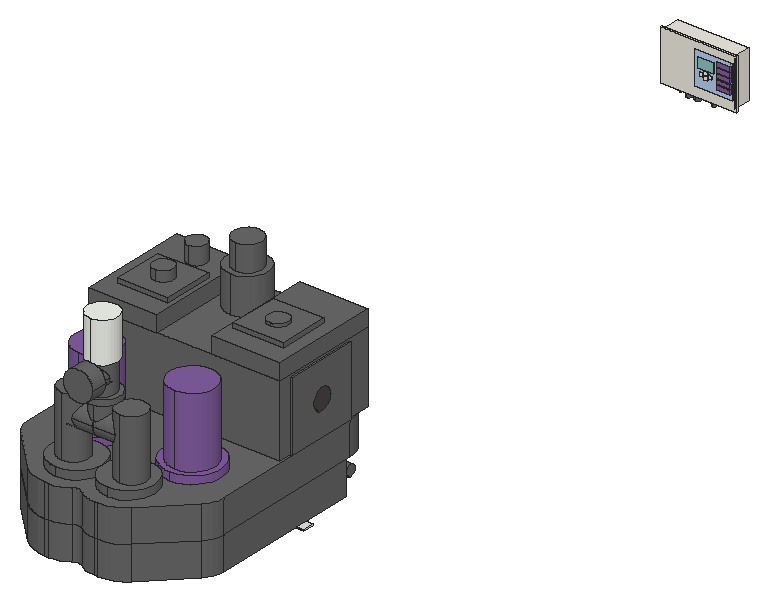
Revit family "11086", category Generic Models, Revit 2021
Family settings
  Can host rebar = No
  Round Connector Dimension = Use Diameter
  Part Type = Normal
  Work Plane-Based = No
  Always vertical = Yes
  Cut with Voids When Loaded = No
  Shared = Yes
  Room Calculation Point = No
Parameters (values of type "11086")
  SUPPLIER = "KESSEL"
  SA700ID49 = "Protection Class I"
  SA700ID48 = "no"
  SA700ID47 = "no"
  SA700ID46 = "yes"
  SA700ID37 = 7000 mm
  SA700ID34 = 38
  SA700ID33 = 1.6 W
  SA700ID32 = 99.93 kg
  SA700ID31 = 1
  SA700ID30 = 2
  SA700ID29 = "RWDR"
  SA700ID21 = 700
  SA700ID10 = "No"
  SA700ID08 = 230 V
  PROCUREWEBLINK = "https://p.caden.as/kessel/11086"
  PROCURELINK = "p.caden.as/kessel/11086"
  PROCUREDATALASTUPDATE = "2024-05-22T12:18:04.386680289+01:00"
  PREVIEW = "../../bilder/ksb_w_11086.png"
  PRC_SPECIFICATIONLINK = "https://ausschreiben.de/catalog/kessel/catalogItem/f3bade3c-e4c8-4c45-aade-97c20664eb70"
  NN = "Lifting station Aqualift F XL"
  NBSYN = "$SA810ID03."
  NB = "11086"
  Model = "11086"
  Manufacturer = "KESSEL"
  MIdent = "{$CADENAS_DATA/23d-libs/kessel/kessel_vdi_import/4/entwaesserung/hebeanlage20aqualift20f20xl.prj},201 {STYP=ASS},{VTYP=3D},{NB=11086},{LINA=11086},{NN=Lifting station Aqualift F XL},{DATE=21.11.2022 10:48:11},{GEOMDATE=21.11.2022 10:48:11},{VERSION=},{LINEID=360},{WBVAR=LODLEVEL},{WBNUMERIC=LODLEVEL}  {NB=11086},{LINA=11086},{KT=DUMMY},{PREVIEW=../../bilder/ksb_w_11086.png},{SA700ID04=Hebeanlage Aqualift F XL 200 l, Duo, SPF 1400-S1, Schieber},{SA810ID06=04026092057537},{SA700ID34=38.00},{SA010ID03=201805},{SA810ID03=11086},{SA810ID10=Aqualift F XL 1400W-S1 Duo 200L m.S.KESSEL Aqualift F XL Hebeanlage für fäkalienhaltiges und fäkalienfreies Abwasser. Zur Aufstellung in frostgeschützten Räumen.Duoanlage mit zwei Pumpen des Typs SPF 1400-S1 Sammelbehälter aus Polyethylen, mit verschraubter Reinigungsöffnung,Anschlussstutzen für Zulauf von oben DN100/150.Inklusive Tauchrohr zur pneumatischen Niveauerfassung,Entlüftungsanschluss DN 70 und Anschluss für eine Handmembranpumpe DN 32.Behälter inklusive Haltewinkel zur Auftriebssicherung.Behältervolumen 200 Liter, max. Nutzvolumen bei Zulauf von oben ca. 120 Liter.Zwei seitliche und zwei rückseitige Anbohrflächen zur Montage weiterer Zuläufe bis DN 200 unter Verwendung von Durchgangsdichtungen.Inklusive KESSEL Schaltgerät Aqualift Comfort 230 V.Anwenderfreundliche Menüführung im mehrzeiligem Display. MitSelbstdiagnosesystem (SDS) und Erinnerungsfunktion für nächste Wartung.Anzeige der aktuellen Messwerte. Einfache Einstellung derfunktionsrelevanten Parameter, inklusive Betriebsstundenzähler und Anschlussmöglichkeit für potentialfreien Kontakt. OptionaleWeiterleitung von Alarm- und Sammelstörmeldung über GSM Schnittstelle.Schaltgerät mit Volltextanzeige in sechs Sprachen.Abwasserpumpe(n) mit Freistromrad zur Förderung von fäkalienfreiem und fäkalienhaltigem Abwasser gemäß DIN EN 12050-1. Freier Kugeldurchgang mindestens 40 mm. Pumpe(n) überflutungssicher. Inklusive Rückflussverhinderer, mit Druckabgang aus Kunststoff DN 100. Inklusive Absperrschieber.Pumpe(n) Typ SPF 1400-S1Fördermenge: max. 38 m³/hFörderhöhe: max. 7 mNennleistung (P2): 1,1 KW je PumpeAufnahmeleistung (P1): 1,6 KW je PumoeBetriebsspannung: 230 V WSNennfrequenz: 50 HzNennstrom: 7,3 AAbsicherung: 1 x 16 A trägeSchutzart (Pumpe): IP68 3mWS/48hSchutzart (Schaltgerät): IP 65Bertiebsart: S1Kabellänge: 5 mAußenmaße Anlage mit 200 Liter Behälter (BxTxH): 760 x 980 x 770 mmGewicht ca. 99,93 kg},{SA700ID37=7.00},{SA700ID33=1.60},{SA700ID08=230},{SA700ID30=2},{SA700ID32=99.93},{SA700ID49=Schutzklasse I},{SA700ID50=nein},{SA200ID03=6},{SA250ID03=vertikal},{SA260ID03=Trockenläuferpumpe},{SA350ID03=normalansaugend},{SA400ID03=E-Motor für Wechselstrom},{SA460ID03=direkt},{SA500ID03=Kunststoff, Edelstahl},{SA700ID06=100},{SA700ID07=100},{SA700ID09=1/N/PE 230V},{SA700ID10=Nein},{SA700ID11=50},{SA700ID12=IP 68},{SA700ID13=F},{SA700ID15=40},{SA700ID21=700.00},{SA700ID22=1.10},{SA700ID23=1420},{SA700ID24=1420},{SA700ID26=7.30},{SA700ID27=23.00},{SA700ID28=durchgehend},{SA700ID29=RWDR},{SA700ID31=1},{SA700ID46=ja},{SA700ID47=nein},{SA700ID48=nein},{SA110ID04=Hebeanlage Aqualift F XL},{SA300ID03=einstufig},{SA700ID44=10.00},{SA700ID45=10.00},{SA010ID04=KESSEL AG},{LODLEVEL=200},{LINK=https://www.kessel.de/info?han=11086},{SA970ID01=970},{SA970ID02=7137},{SA970ID03=11086},{SA970ID04=11002617},{SA970ID05=QUAD},{SA970ID06=-410},{SA970ID07=-850},{SA970ID08=0},{SA970ID09=1},{SA970ID10=0},{SA970ID11=0},{SA970ID12=0},{SA970ID13=1},{SA970ID14=0},{SA970ID15=820},{SA970ID16=980},{SA970ID17=819},{LODLEVEL_=200,'Low'},{LODLEVEL_DEU=200,'Low'},{LINK_=https://www.kessel.de/info?han=11086},{LINK_DEU=https://www.kessel.de/info?han=11086},{LODLEVEL_3DB=11086_200},{DNIN1=100},{DNIN2=70},{DNIN4=10},{DNIN5=10},{DNIN6=50},{DNIN7=50},{DNIN8=50},{DNIN9=50},{DNOUT1=32},{DNOUT2=100},{DNOUT3=70},{ISD1=96},{ISD2=10},{ISDOUT1=40},{ISDOUT2=60},{ISDOUT3=65},{SA010ID01=010},{SA010ID02=4},{SA010ID06=www.kessel.de},{SA010ID07=www.kessel.de},{SA010ID12=20180713},{SA010ID13=DEU},{SA010ID14=DE},{SA100ID01=100},{SA100ID02=4},{SA100ID04=Entwässerung},{SA110ID01=110},{SA110ID02=6},{SA200ID01=200},{SA200ID02=6},{SA250ID01=250},{SA250ID02=2},{SA260ID01=260},{SA260ID02=2},{SA300ID01=300},{SA300ID02=1},{SA350ID01=350},{SA350ID02=1},{SA400ID01=400},{SA400ID02=1},{SA460ID01=460},{SA460ID02=1},{SA500ID01=500},{SA500ID02=1},{SA700ID01=700},{SA700ID02=67},{SA700ID10_=0},{SA700ID16=0},{SA700ID25=0},{SA700ID46_=1},{SA700ID47_=0},{SA700ID48_=0},{SA700ID49_=1},{SA700ID50_=0},{SA800ID01=800},{SA800ID02=31},{SA810ID01=810},{SA810ID02=67},{SA810ID04=11086},{SA810ID07=67},{SA810ID09=1},{SA810ID14=PCE},{SA810ID15=1},{SA810ID16=NMP},{SA960ID03=67},{SA960ID04=3L},{SA960ID08=https://www.kessel.de/info?han=11086},{SA010ID08=4026092000007},{SA100ID05=Hebeanlage},{SA110ID06=Hebeanlage}"
  LINK = "https://www.kessel.de/info?han=11086"
  LINA = "11086"
  Default Elevation = 0 mm
  CREATOR = "CADENAS GmbH"
  CATALOG = "KESSEL"
  BOMINFO = "LINA"
  ARTICLENO = "NB"
  4.810.00.9 Order quantity (multiplicator) = "1"
  4.810.00.7 Media- connection number = "67"
  4.810.00.6 GTIN number = "04026092057537"
  4.810.00.4 DATANORM number = "11086"
  4.810.00.3 Producer order number = "11086"
  4.710.03.7 Mass (net) = 99.93 kg
  4.710.03.6 Height = 807 mm
  4.710.03.5 Width = 760 mm
  4.710.03.4 Length = 980 mm
  4.710.03.3 Type of dimensions = "2"
  4.710.02.8 Area of application of wastewater pump = "1"
  4.710.02.6 Duty type = "S1"
  4.710.02.5 Cutting device = "0"
  4.710.02.4 Attached pump control = "1"
  4.710.02.3 Free passage = 40 mm
  4.710.01.6 Option to connect to building automation = "40"
  4.710.01.5 Load regulation = "0"
  4.710.01.4 Designation of closed-loop control = "120"
  4.710.01.3 Identifier for closed-loop control = "200"
  4.700.00.9 Voltage = 0
  4.700.00.8 Nominal connection size on suction side = "100"
  4.700.00.7 Nominal connection size on pressure side = "100"
  4.700.00.6 Type of connection = "100"
  4.700.00.4 Product indentification = "Hebeanlage Aqualift F XL 200 l, Duo, SPF 1400-S1, Schieber"
  4.700.00.28 Motor pump shaft = "durchgehend"
  4.700.00.27 Starting current = 23
  4.700.00.26 Maximum power consumption per pump / drive = 7.3
  4.700.00.25 Minimum speed at internal speed adjustment = 0
  4.700.00.24 Nominal speed / maximum speed n = 23.6667
  4.700.00.23 Nominal speed of motor = 23.6667
  4.700.00.22 Maximum shaft output (P2) per pump/drive = 1.1 W
  4.700.00.16 Maximum temperature of pumped medium = 0 °C
  4.700.00.15 Increased safety class = "40 °C"
  4.700.00.13 Type of protection = "F"
  4.700.00.12 Frequency = 0
  4.700.00.11 Stern-/Dreieck-Anlaufschaltung bei Dreiphasenanschluss oder Drehstrom = "50 Hz"
  4.700.00.10 Phase = "0"
  4.500.00.3 Variant / Variant type / Accessories-name = "Kunststoff, Edelstahl"
  4.460.00.3 Variant / Variant type / Accessories-name = "direkt"
  4.400.00.3 Variant / Variant type / Accessories-name = "E-Motor für Wechselstrom"
  4.350.00.3 Variant / Variant type / Accessories-name = "normalansaugend"
  4.300.00.3 Variant / Variant type / Accessories-name = "einstufig"
  4.260.00.3 Variant / Variant type / Accessories-name = "Trockenläuferpumpe"
  4.250.00.3 Variant / Variant type / Accessories-name = "vertikal"
  4.200.00.3 Variant / Variant type / Accessories-name = "6"
  4.110.00.6 Product classification = "Hebeanlage"
  4.110.00.4 Product indentification = "Hebeanlage Aqualift F XL"
  4.100.00.5 Main groups of wares = "Hebeanlage"
  4.100.00.4 Product indentification = "Entwässerung"
  4.010.00.8 Producer ID number = "4026092000007"
  4.010.00.7 Comment = "www.kessel.de"
  4.010.00.6 Web address of the manufacturer = "www.kessel.de"
  4.010.00.4 Manufacturer name = "KESSEL AG"
  4.010.00.3 Date of issuance (month) of guideline = "201805"
  4.010.00.2 Sheet number of the guideline = "4"
  4.010.00.14 Kennungen der Projektländer, für die die Datei gültig ist = "DE"
  4.010.00.13 Sprache der Datei = "DEU"
  4.010.00.12 Stand des Herstellerkatalogs = "20180713"
Reference planes
  plane 1 "Center (Front/Back)": y = 0
  plane 2: z = 0
  plane 3 "Center (Left/Right)": x = 0
Forms (mm)
  Extrusion 1, void
    sketch origin (380.5, -115, 392) x (0, -1, 0) y (0, 0, 1)
      loop
        line (-0.5, -0.5) -> (0.5, -0.5) -> (0.5, 0.5) -> (-0.5, 0.5) -> (-0.5, -0.5)
    from 0 to 1
  Extrusion 2, void
    sketch origin (160.15, 130.5, 392) x (1, 0, 0) y (0, 0, 1)
      loop
        line (-0.5, -0.5) -> (0.5, -0.5) -> (0.5, 0.5) -> (-0.5, 0.5) -> (-0.5, -0.5)
    from 0 to 1
  Extrusion 3, void
    sketch origin (-161, 130.5, 392) x (1, 0, 0) y (0, 0, 1)
      loop
        line (-0.5, -0.5) -> (0.5, -0.5) -> (0.5, 0.5) -> (-0.5, 0.5) -> (-0.5, -0.5)
    from 0 to 1
  Extrusion 4, void
    sketch origin (-380.5, -115, 392) x (0, 1, 0) y (0, 0, 1)
      loop
        line (-0.5, -0.5) -> (0.5, -0.5) -> (0.5, 0.5) -> (-0.5, 0.5) -> (-0.5, -0.5)
    from 0 to 1
Dimensions and locks
  locked: plane 2 to Extrusion 1 at 392.5
  locked: plane 2 to Extrusion 1 at 391.5
  locked: plane 2 to Extrusion 2 at 392.5
  locked: plane 2 to Extrusion 2 at 391.5
  locked: plane 2 to Extrusion 3 at 392.5
  locked: plane 2 to Extrusion 3 at 391.5
  locked: plane 2 to Extrusion 4 at 392.5
  locked: plane 2 to Extrusion 4 at 391.5
  aligned and locked: level to plane 2
Nested families
  nested 1: "11086_content" at (0, 0, 0), type "11086_Content"
  nested 2: "11086_part1_X0Y0" at (1000, 1000, 1200), type "11086_PART1_X0Y0"
  nested 3: "11086_part2_X0Y0" at (0, 0, 0), type "11086_PART2_X0Y0"
Connectors
  electrical at (896, 972.5, 1160.5)
    settings: on nested 2, index 1, voltage 230 V, apparent load 0 VA, apparent load phase1 0 VA, apparent load phase2 0 VA, apparent load phase3 0 VA, power factor 1, load classification "Other", number of poles 3, system type 31, power factor state 1, is connector primary yes, connector utility no, sub classification motor no, connector description ""
  piping at (0, 0, 771), diameter 100
    settings: on nested 3, index 2, connector inside diameter 609.6 mm, connector length 0 mm, flow factor 0, pipe flow 0.0 L/s, pressure drop 0.0 Pa, fitting loss kfactor 0, connector angle 0.00°, fixture units 0, engagement length 0 mm, angle of deflection 0.00°, flow configuration 0, flow direction 1, fitting loss method 2, system type 8, joint type 0, gender type 0, connector reference index -1, connector utility 0, adjustable connector no, is connector primary yes, connector description ""
  piping at (380.5, -115, 392), diameter 70
    settings: on Extrusion 1, index 3, connector inside diameter 609.6 mm, connector length 0 mm, flow factor 0, pipe flow 0.0 L/s, pressure drop 0.0 Pa, fitting loss kfactor 0, connector angle 0.00°, fixture units 0, engagement length 0 mm, angle of deflection 0.00°, flow configuration 0, flow direction 0, fitting loss method 2, system type 8, joint type 0, gender type 0, connector reference index -1, connector utility 0, adjustable connector no, is connector primary no, connector description ""
  piping at (160.15, 130.5, 392), diameter 70
    settings: on Extrusion 2, index 4, connector inside diameter 609.6 mm, connector length 0 mm, flow factor 0, pipe flow 0.0 L/s, pressure drop 0.0 Pa, fitting loss kfactor 0, connector angle 0.00°, fixture units 0, engagement length 0 mm, angle of deflection 0.00°, flow configuration 0, flow direction 0, fitting loss method 2, system type 8, joint type 0, gender type 0, connector reference index -1, connector utility 0, adjustable connector no, is connector primary no, connector description ""
  piping at (-161, 130.5, 392), diameter 70
    settings: on Extrusion 3, index 5, connector inside diameter 609.6 mm, connector length 0 mm, flow factor 0, pipe flow 0.0 L/s, pressure drop 0.0 Pa, fitting loss kfactor 0, connector angle 0.00°, fixture units 0, engagement length 0 mm, angle of deflection 0.00°, flow configuration 0, flow direction 0, fitting loss method 2, system type 8, joint type 0, gender type 0, connector reference index -1, connector utility 0, adjustable connector no, is connector primary no, connector description ""
  piping at (-380.5, -115, 392), diameter 70
    settings: on Extrusion 4, index 6, connector inside diameter 609.6 mm, connector length 0 mm, flow factor 0, pipe flow 0.0 L/s, pressure drop 0.0 Pa, fitting loss kfactor 0, connector angle 0.00°, fixture units 0, engagement length 0 mm, angle of deflection 0.00°, flow configuration 0, flow direction 0, fitting loss method 2, system type 8, joint type 0, gender type 0, connector reference index -1, connector utility 0, adjustable connector no, is connector primary no, connector description ""
  piping at (0, -818, 611), diameter 100
    settings: on nested 3, index 7, connector inside diameter 609.6 mm, connector length 0 mm, flow factor 0, pipe flow 0.0 L/s, pressure drop 0.0 Pa, fitting loss kfactor 0, connector angle 0.00°, fixture units 0, engagement length 0 mm, angle of deflection 0.00°, flow configuration 0, flow direction 2, fitting loss method 2, system type 7, joint type 0, gender type 0, connector reference index -1, connector utility 0, adjustable connector no, is connector primary no, connector description ""
  piping at (-225, 36, 661), diameter 70
    settings: on nested 3, index 8, connector inside diameter 609.6 mm, connector length 0 mm, flow factor 0, pipe flow 0.0 L/s, pressure drop 0.0 Pa, fitting loss kfactor 0, connector angle 0.00°, fixture units 0, engagement length 0 mm, angle of deflection 0.00°, flow configuration 0, flow direction 2, fitting loss method 2, system type 7, joint type 0, gender type 0, connector reference index -1, connector utility 0, adjustable connector no, is connector primary no, connector description ""
  piping at (354.5, 56, 60), diameter 32
    settings: on nested 3, index 9, connector inside diameter 609.6 mm, connector length 0 mm, flow factor 0, pipe flow 0.0 L/s, pressure drop 0.0 Pa, fitting loss kfactor 0, connector angle 0.00°, fixture units 0, engagement length 0 mm, angle of deflection 0.00°, flow configuration 0, flow direction 2, fitting loss method 2, system type 7, joint type 0, gender type 0, connector reference index -1, connector utility 0, adjustable connector no, is connector primary no, connector description ""
  electrical at (185, -497, 557)
    settings: on nested 3, index 10, voltage 0 V, apparent load 0 VA, apparent load phase1 0 VA, apparent load phase2 0 VA, apparent load phase3 0 VA, power factor 1, load classification "Other", number of poles 1, system type 31, power factor state 1, is connector primary no, connector utility no, sub classification motor no, connector description ""
  electrical at (-185, -496.75, 557)
    settings: on nested 3, index 11, voltage 0 V, apparent load 0 VA, apparent load phase1 0 VA, apparent load phase2 0 VA, apparent load phase3 0 VA, power factor 1, load classification "Other", number of poles 1, system type 31, power factor state 1, is connector primary no, connector utility no, sub classification motor no, connector description ""
  electrical at (-222.5, -129, 650)
    settings: on nested 3, index 12, voltage 0 V, apparent load 0 VA, apparent load phase1 0 VA, apparent load phase2 0 VA, apparent load phase3 0 VA, power factor 1, load classification "Other", number of poles 1, system type 31, power factor state 1, is connector primary no, connector utility no, sub classification motor no, connector description ""
Definition of nested family "11086_part1_X0Y0"
  Parameters (values of type "11086_PART1_X0Y0")
    SUPPLIER = "KESSEL"
    SA700ID49 = "Protection Class I"
    SA700ID48 = "no"
    SA700ID47 = "no"
    SA700ID46 = "yes"
    SA700ID37 = 7000 mm
    SA700ID34 = 38
    SA700ID33 = 1.6 W
    SA700ID32 = 99.93 kg
    SA700ID31 = 1
    SA700ID30 = 2
    SA700ID29 = "RWDR"
    SA700ID21 = 700
    SA700ID10 = "No"
    SA700ID08 = 230 V
    PREVIEW = "../../bilder/ksb_w_11086.png"
    NBSYN = "$SA810ID03._PART1"
    NB = "11086_PART1"
    Model = "11086_PART1"
    Manufacturer = "KESSEL"
    MIdent = "{$CADENAS_DATA/23d-libs/kessel/kessel_vdi_import/4/entwaesserung/hebeanlage20aqualift20f20xl.prj},221 {VTYP=3D},{NB=11086_PART1},{LINA=11086_PART1},{NN=Lifting station Aqualift F XL_PART1},{NOPRJ=TRUE},{DATE=21.11.2022 10:48:11},{GEOMDATE=21.11.2022 10:48:11},{VERSION=},{LINEID=360},{WBVAR=LODLEVEL},{WBNUMERIC=LODLEVEL}  {NB=11086_PART1},{LINA=11086_PART1},{KT=DUMMY},{PREVIEW=../../bilder/ksb_w_11086.png},{SA700ID04=Hebeanlage Aqualift F XL 200 l, Duo, SPF 1400-S1, Schieber},{SA810ID06=04026092057537},{SA700ID34=38.00},{SA010ID03=201805},{SA810ID03=11086},{SA810ID10=Aqualift F XL 1400W-S1 Duo 200L m.S.KESSEL Aqualift F XL Hebeanlage für fäkalienhaltiges und fäkalienfreies Abwasser. Zur Aufstellung in frostgeschützten Räumen.Duoanlage mit zwei Pumpen des Typs SPF 1400-S1 Sammelbehälter aus Polyethylen, mit verschraubter Reinigungsöffnung,Anschlussstutzen für Zulauf von oben DN100/150.Inklusive Tauchrohr zur pneumatischen Niveauerfassung,Entlüftungsanschluss DN 70 und Anschluss für eine Handmembranpumpe DN 32.Behälter inklusive Haltewinkel zur Auftriebssicherung.Behältervolumen 200 Liter, max. Nutzvolumen bei Zulauf von oben ca. 120 Liter.Zwei seitliche und zwei rückseitige Anbohrflächen zur Montage weiterer Zuläufe bis DN 200 unter Verwendung von Durchgangsdichtungen.Inklusive KESSEL Schaltgerät Aqualift Comfort 230 V.Anwenderfreundliche Menüführung im mehrzeiligem Display. MitSelbstdiagnosesystem (SDS) und Erinnerungsfunktion für nächste Wartung.Anzeige der aktuellen Messwerte. Einfache Einstellung derfunktionsrelevanten Parameter, inklusive Betriebsstundenzähler und Anschlussmöglichkeit für potentialfreien Kontakt. OptionaleWeiterleitung von Alarm- und Sammelstörmeldung über GSM Schnittstelle.Schaltgerät mit Volltextanzeige in sechs Sprachen.Abwasserpumpe(n) mit Freistromrad zur Förderung von fäkalienfreiem und fäkalienhaltigem Abwasser gemäß DIN EN 12050-1. Freier Kugeldurchgang mindestens 40 mm. Pumpe(n) überflutungssicher. Inklusive Rückflussverhinderer, mit Druckabgang aus Kunststoff DN 100. Inklusive Absperrschieber.Pumpe(n) Typ SPF 1400-S1Fördermenge: max. 38 m³/hFörderhöhe: max. 7 mNennleistung (P2): 1,1 KW je PumpeAufnahmeleistung (P1): 1,6 KW je PumoeBetriebsspannung: 230 V WSNennfrequenz: 50 HzNennstrom: 7,3 AAbsicherung: 1 x 16 A trägeSchutzart (Pumpe): IP68 3mWS/48hSchutzart (Schaltgerät): IP 65Bertiebsart: S1Kabellänge: 5 mAußenmaße Anlage mit 200 Liter Behälter (BxTxH): 760 x 980 x 770 mmGewicht ca. 99,93 kg},{SA700ID37=7.00},{SA700ID33=1.60},{SA700ID08=230},{SA700ID30=2},{SA700ID32=99.93},{SA700ID49=Schutzklasse I},{SA700ID50=nein},{SA200ID03=6},{SA250ID03=vertikal},{SA260ID03=Trockenläuferpumpe},{SA350ID03=normalansaugend},{SA400ID03=E-Motor für Wechselstrom},{SA460ID03=direkt},{SA500ID03=Kunststoff, Edelstahl},{SA700ID06=100},{SA700ID07=100},{SA700ID09=1/N/PE 230V},{SA700ID10=Nein},{SA700ID11=50},{SA700ID12=IP 68},{SA700ID13=F},{SA700ID15=40},{SA700ID21=700.00},{SA700ID22=1.10},{SA700ID23=1420},{SA700ID24=1420},{SA700ID26=7.30},{SA700ID27=23.00},{SA700ID28=durchgehend},{SA700ID29=RWDR},{SA700ID31=1},{SA700ID46=ja},{SA700ID47=nein},{SA700ID48=nein},{SA110ID04=Hebeanlage Aqualift F XL},{SA300ID03=einstufig},{SA700ID44=10.00},{SA700ID45=10.00},{SA010ID04=KESSEL AG},{LODLEVEL=200},{LINK=https://www.kessel.de/info?han=11086},{SA970ID01=970},{SA970ID02=7137},{SA970ID03=11086},{SA970ID04=11002617},{SA970ID05=QUAD},{SA970ID06=-410},{SA970ID07=-850},{SA970ID08=0},{SA970ID09=1},{SA970ID10=0},{SA970ID11=0},{SA970ID12=0},{SA970ID13=1},{SA970ID14=0},{SA970ID15=820},{SA970ID16=980},{SA970ID17=819},{LODLEVEL_=200,'Low'},{LODLEVEL_DEU=200,'Low'},{LINK_=https://www.kessel.de/info?han=11086},{LINK_DEU=https://www.kessel.de/info?han=11086},{LODLEVEL_3DB=11086_200},{DNIN1=100},{DNIN2=70},{DNIN4=10},{DNIN5=10},{DNIN6=50},{DNIN7=50},{DNIN8=50},{DNIN9=50},{DNOUT1=32},{DNOUT2=100},{DNOUT3=70},{ISD1=96},{ISD2=10},{ISDOUT1=40},{ISDOUT2=60},{ISDOUT3=65},{SA010ID01=010},{SA010ID02=4},{SA010ID06=www.kessel.de},{SA010ID07=www.kessel.de},{SA010ID12=20180713},{SA010ID13=DEU},{SA010ID14=DE},{SA100ID01=100},{SA100ID02=4},{SA100ID04=Entwässerung},{SA110ID01=110},{SA110ID02=6},{SA200ID01=200},{SA200ID02=6},{SA250ID01=250},{SA250ID02=2},{SA260ID01=260},{SA260ID02=2},{SA300ID01=300},{SA300ID02=1},{SA350ID01=350},{SA350ID02=1},{SA400ID01=400},{SA400ID02=1},{SA460ID01=460},{SA460ID02=1},{SA500ID01=500},{SA500ID02=1},{SA700ID01=700},{SA700ID02=67},{SA700ID10_=0},{SA700ID16=0},{SA700ID25=0},{SA700ID46_=1},{SA700ID47_=0},{SA700ID48_=0},{SA700ID49_=1},{SA700ID50_=0},{SA800ID01=800},{SA800ID02=31},{SA810ID01=810},{SA810ID02=67},{SA810ID04=11086},{SA810ID07=67},{SA810ID09=1},{SA810ID14=PCE},{SA810ID15=1},{SA810ID16=NMP},{SA960ID03=67},{SA960ID04=3L},{SA960ID08=https://www.kessel.de/info?han=11086},{SA010ID08=4026092000007},{SA100ID05=Hebeanlage},{SA110ID06=Hebeanlage}"
    LINK = "https://www.kessel.de/info?han=11086"
    LINA = "11086_PART1"
    Default Elevation = 1219.2 mm
    CREATOR = "CADENAS GmbH"
    CATALOG = "KESSEL"
    BOMINFO = "LINA"
    ARTICLENO = "NB"
    4.810.00.9 Order quantity (multiplicator) = "1"
    4.810.00.7 Media- connection number = "67"
    4.810.00.6 GTIN number = "04026092057537"
    4.810.00.4 DATANORM number = "11086"
    4.810.00.3 Producer order number = "11086"
    4.710.03.7 Mass (net) = 99.93 kg
    4.710.03.6 Height = 807 mm
    4.710.03.5 Width = 760 mm
    4.710.03.4 Length = 980 mm
    4.710.03.3 Type of dimensions = "2"
    4.710.02.8 Area of application of wastewater pump = "1"
    4.710.02.6 Duty type = "S1"
    4.710.02.5 Cutting device = "0"
    4.710.02.4 Attached pump control = "1"
    4.710.02.3 Free passage = 40 mm
    4.710.01.6 Option to connect to building automation = "40"
    4.710.01.5 Load regulation = "0"
    4.710.01.4 Designation of closed-loop control = "120"
    4.710.01.3 Identifier for closed-loop control = "200"
    4.700.00.9 Voltage = 0
    4.700.00.8 Nominal connection size on suction side = "100"
    4.700.00.7 Nominal connection size on pressure side = "100"
    4.700.00.6 Type of connection = "100"
    4.700.00.4 Product indentification = "Hebeanlage Aqualift F XL 200 l, Duo, SPF 1400-S1, Schieber"
    4.700.00.28 Motor pump shaft = "durchgehend"
    4.700.00.27 Starting current = 23
    4.700.00.26 Maximum power consumption per pump / drive = 7.3
    4.700.00.25 Minimum speed at internal speed adjustment = 0
    4.700.00.24 Nominal speed / maximum speed n = 23.6667
    4.700.00.23 Nominal speed of motor = 23.6667
    4.700.00.22 Maximum shaft output (P2) per pump/drive = 1.1 W
    4.700.00.16 Maximum temperature of pumped medium = 0 °C
    4.700.00.15 Increased safety class = "40 °C"
    4.700.00.13 Type of protection = "F"
    4.700.00.12 Frequency = 0
    4.700.00.11 Stern-/Dreieck-Anlaufschaltung bei Dreiphasenanschluss oder Drehstrom = "50 Hz"
    4.700.00.10 Phase = "0"
    4.500.00.3 Variant / Variant type / Accessories-name = "Kunststoff, Edelstahl"
    4.460.00.3 Variant / Variant type / Accessories-name = "direkt"
    4.400.00.3 Variant / Variant type / Accessories-name = "E-Motor für Wechselstrom"
    4.350.00.3 Variant / Variant type / Accessories-name = "normalansaugend"
    4.300.00.3 Variant / Variant type / Accessories-name = "einstufig"
    4.260.00.3 Variant / Variant type / Accessories-name = "Trockenläuferpumpe"
    4.250.00.3 Variant / Variant type / Accessories-name = "vertikal"
    4.200.00.3 Variant / Variant type / Accessories-name = "6"
    4.110.00.6 Product classification = "Hebeanlage"
    4.110.00.4 Product indentification = "Hebeanlage Aqualift F XL"
    4.100.00.5 Main groups of wares = "Hebeanlage"
    4.100.00.4 Product indentification = "Entwässerung"
    4.010.00.8 Producer ID number = "4026092000007"
    4.010.00.7 Comment = "www.kessel.de"
    4.010.00.6 Web address of the manufacturer = "www.kessel.de"
    4.010.00.4 Manufacturer name = "KESSEL AG"
    4.010.00.3 Date of issuance (month) of guideline = "201805"
    4.010.00.2 Sheet number of the guideline = "4"
    4.010.00.14 Kennungen der Projektländer, für die die Datei gültig ist = "DE"
    4.010.00.13 Sprache der Datei = "DEU"
    4.010.00.12 Stand des Herstellerkatalogs = "20180713"
  Reference planes
    plane 1 "Center (Front/Back)": y = 0
    plane 2: z = 0
    plane 3 "Center (Left/Right)": x = 0
  Dimensions and locks
    aligned and locked: level to plane 2
  Nested families
    nested 1: "11086_part1_content" at (0, 0, 0), type "11086_PART1_Content"
  Definition of nested family "11086_part1_content"
    Parameters (values of type "11086_PART1_Content")
      SUPPLIER = "KESSEL"
      SA700ID49 = "Protection Class I"
      SA700ID48 = "no"
      SA700ID47 = "no"
      SA700ID46 = "yes"
      SA700ID37 = 7000 mm
      SA700ID34 = 38
      SA700ID33 = 1.6 W
      SA700ID32 = 99.93 kg
      SA700ID31 = 1
      SA700ID30 = 2
      SA700ID29 = "RWDR"
      SA700ID21 = 700
      SA700ID10 = "No"
      SA700ID08 = 230 V
      PREVIEW = "../../bilder/ksb_w_11086.png"
      NBSYN = "$SA810ID03._PART1"
      NB = "11086_PART1"
      Model = "11086_PART1"
      Manufacturer = "KESSEL"
      LINK = "https://www.kessel.de/info?han=11086"
      LINA = "11086_PART1"
      Default Elevation = 1219.2 mm
      CREATOR = "CADENAS GmbH"
      CATALOG = "KESSEL"
      BOMINFO = "LINA"
      ARTICLENO = "NB"
      4.810.00.9 Order quantity (multiplicator) = "1"
      4.810.00.7 Media- connection number = "67"
      4.810.00.6 GTIN number = "04026092057537"
      4.810.00.4 DATANORM number = "11086"
      4.810.00.3 Producer order number = "11086"
      4.710.03.7 Mass (net) = 99.93 kg
      4.710.03.6 Height = 807 mm
      4.710.03.5 Width = 760 mm
      4.710.03.4 Length = 980 mm
      4.710.03.3 Type of dimensions = "2"
      4.710.02.8 Area of application of wastewater pump = "1"
      4.710.02.6 Duty type = "S1"
      4.710.02.5 Cutting device = "0"
      4.710.02.4 Attached pump control = "1"
      4.710.02.3 Free passage = 40 mm
      4.710.01.6 Option to connect to building automation = "40"
      4.710.01.5 Load regulation = "0"
      4.710.01.4 Designation of closed-loop control = "120"
      4.710.01.3 Identifier for closed-loop control = "200"
      4.700.00.9 Voltage = 0
      4.700.00.8 Nominal connection size on suction side = "100"
      4.700.00.7 Nominal connection size on pressure side = "100"
      4.700.00.6 Type of connection = "100"
      4.700.00.4 Product indentification = "Hebeanlage Aqualift F XL 200 l, Duo, SPF 1400-S1, Schieber"
      4.700.00.28 Motor pump shaft = "durchgehend"
      4.700.00.27 Starting current = 23
      4.700.00.26 Maximum power consumption per pump / drive = 7.3
      4.700.00.25 Minimum speed at internal speed adjustment = 0
      4.700.00.24 Nominal speed / maximum speed n = 23.6667
      4.700.00.23 Nominal speed of motor = 23.6667
      4.700.00.22 Maximum shaft output (P2) per pump/drive = 1.1 W
      4.700.00.16 Maximum temperature of pumped medium = 0 °C
      4.700.00.15 Increased safety class = "40 °C"
      4.700.00.13 Type of protection = "F"
      4.700.00.12 Frequency = 0
      4.700.00.11 Stern-/Dreieck-Anlaufschaltung bei Dreiphasenanschluss oder Drehstrom = "50 Hz"
      4.700.00.10 Phase = "0"
      4.500.00.3 Variant / Variant type / Accessories-name = "Kunststoff, Edelstahl"
      4.460.00.3 Variant / Variant type / Accessories-name = "direkt"
      4.400.00.3 Variant / Variant type / Accessories-name = "E-Motor für Wechselstrom"
      4.350.00.3 Variant / Variant type / Accessories-name = "normalansaugend"
      4.300.00.3 Variant / Variant type / Accessories-name = "einstufig"
      4.260.00.3 Variant / Variant type / Accessories-name = "Trockenläuferpumpe"
      4.250.00.3 Variant / Variant type / Accessories-name = "vertikal"
      4.200.00.3 Variant / Variant type / Accessories-name = "6"
      4.110.00.6 Product classification = "Hebeanlage"
      4.110.00.4 Product indentification = "Hebeanlage Aqualift F XL"
      4.100.00.5 Main groups of wares = "Hebeanlage"
      4.100.00.4 Product indentification = "Entwässerung"
      4.010.00.8 Producer ID number = "4026092000007"
      4.010.00.7 Comment = "www.kessel.de"
      4.010.00.6 Web address of the manufacturer = "www.kessel.de"
      4.010.00.4 Manufacturer name = "KESSEL AG"
      4.010.00.3 Date of issuance (month) of guideline = "201805"
      4.010.00.2 Sheet number of the guideline = "4"
      4.010.00.14 Kennungen der Projektländer, für die die Datei gültig ist = "DE"
      4.010.00.13 Sprache der Datei = "DEU"
      4.010.00.12 Stand des Herstellerkatalogs = "20180713"
    Reference planes
      plane 1 "Center (Front/Back)": y = 0
      plane 2: z = 0
      plane 3 "Center (Left/Right)": x = 0
    Forms (mm)
      Extrusion 1, solid, detail levels medium+fine
        sketch origin (49.8, -68, 72.1) x (0, -1, 0) y (0, 0, 1)
          loop
            line (-0.5, 12) -> (-0.5, 0) -> (1, 0) -> (1, 12) -> (-0.5, 12)
        from 0 to 12
      Extrusion 2, solid, detail levels medium+fine
        sketch origin (129.3, -67, 28.2) x (0, -1, 0) y (0, 0, 1)
          loop
            line (-0.5, 127) -> (-0.5, 0) -> (1, 0) -> (1, 127) -> (-0.5, 127)
        from 0 to 146
      Extrusion 3, solid, detail levels medium+fine
        sketch origin (33.3, -68, 80.45) x (0, -1, 0) y (0, 0, 1)
          loop
            line (-0.5, 12) -> (-0.5, 0) -> (1, 0) -> (1, 12) -> (-0.5, 12)
        from 0 to 12
      Extrusion 4, solid, detail levels medium+fine
        sketch origin (33.3, -68, 63.95) x (0, -1, 0) y (0, 0, 1)
          loop
            line (-0.5, 12) -> (-0.5, 0) -> (1, 0) -> (1, 12) -> (-0.5, 12)
        from 0 to 12
      Extrusion 5, solid, detail levels medium+fine
        sketch origin (56.3, -68, 95.45) x (0, -1, 0) y (0, 0, 1)
          loop
            line (-0.5, 37) -> (-0.5, 0) -> (1, 0) -> (1, 37) -> (-0.5, 37)
        from 0 to 60
      Extrusion 6, solid, detail levels medium+fine
        sketch origin (121.8, -68, 85.7) x (0, -1, 0) y (0, 0, 1)
          loop
            line (0, 16) -> (0, 0) -> (2, 0) -> (2, 16) -> (0, 16)
        from 0 to 51
      Extrusion 7, solid, detail levels medium+fine
        sketch origin (121.8, -68, 65.7) x (0, -1, 0) y (0, 0, 1)
          loop
            line (0, 16) -> (0, 0) -> (2, 0) -> (2, 16) -> (0, 16)
        from 0 to 51
      Extrusion 8, solid, detail levels medium+fine
        sketch origin (121.8, -68, 105.7) x (0, -1, 0) y (0, 0, 1)
          loop
            line (0, 16) -> (0, 0) -> (2, 0) -> (2, 16) -> (0, 16)
        from 0 to 51
      Extrusion 9, solid, detail levels medium+fine
        sketch origin (16.8, -68, 72.2) x (0, -1, 0) y (0, 0, 1)
          loop
            line (-0.5, 12) -> (-0.5, 0) -> (1, 0) -> (1, 12) -> (-0.5, 12)
        from 0 to 12
      Extrusion 10, solid, detail levels medium+fine
        sketch origin (121.8, -68, 45.7) x (0, -1, 0) y (0, 0, 1)
          loop
            line (0, 16) -> (0, 0) -> (2, 0) -> (2, 16) -> (0, 16)
        from 0 to 51
      Extrusion 11, solid, detail levels medium+fine
        sketch origin (147, -63.5, -7) x (0, -1, 0) y (0, 0, 1)
          loop
            line (0, 194) -> (0, 0) -> (3.5, 0) -> (3.5, 194) -> (0, 194)
        from 0 to 294
      Extrusion 12, solid, detail levels medium+fine
        sketch origin (136.25, 0, 0) x (0, -1, 0) y (0, 0, 1)
          loop
            line (0, 184) -> (0, 0) -> (63.5, 0) -> (63.5, 184) -> (0, 184)
        from 0 to 272.5
      Extrusion 13, solid, detail levels medium+fine
        sketch origin (121.75, -68, 125.75) x (0, -1, 0) y (0, 0, 1)
          loop
            line (0, 16) -> (0, 0) -> (2, 0) -> (2, 16) -> (0, 16)
        from 0 to 51
      Extrusion 14, solid, detail levels medium+fine
        sketch origin (26, -27.5, 0) x (1, 0, 0) y (0, -1, 0)
          loop
            circle (0, 0) r 11
        from 0 to 11
      Extrusion 15, solid, detail levels medium+fine
        sketch origin (26, -27.5, -11) x (1, 0, 0) y (0, -1, 0)
          loop
            circle (0, 0) r 11
        from 0 to 19.8
      Extrusion 16, solid, detail levels medium+fine
        sketch origin (26, -27.5, -30.7) x (1, 0, 0) y (0, -1, 0)
          loop
            circle (0, 0) r 6
        from 0 to 13.75
      Extrusion 17, solid, detail levels medium+fine
        sketch origin (2, -27.5, 0) x (1, 0, 0) y (0, -1, 0)
          loop
            circle (0, 0) r 11
        from 0 to 20
      Extrusion 18, solid, detail levels medium+fine
        sketch origin (2, -27.5, -20) x (1, 0, 0) y (0, -1, 0)
          loop
            circle (0, 0) r 8.65
        from 0 to 9.8
      Extrusion 19, solid, detail levels medium+fine
        sketch origin (-36, -27.5, 0) x (1, 0, 0) y (0, -1, 0)
          loop
            circle (0, 0) r 12
        from 0 to 15
      Extrusion 20, solid, detail levels medium+fine
        sketch origin (-36, -27.5, -15) x (1, 0, 0) y (0, -1, 0)
          loop
            circle (0, 0) r 11.75
        from 0 to 27.1
      Extrusion 21, solid, detail levels medium+fine
        sketch origin (54, -27.5, 0) x (1, 0, 0) y (0, -1, 0)
          loop
            circle (0, 0) r 10
        from 0 to 1.5
      Extrusion 22, solid, detail levels medium+fine
        sketch origin (-70, -27.5, 0) x (1, 0, 0) y (0, -1, 0)
          loop
            circle (0, 0) r 12
        from 0 to 15
      Extrusion 23, solid, detail levels medium+fine
        sketch origin (-70, -27.5, -15) x (1, 0, 0) y (0, -1, 0)
          loop
            circle (0, 0) r 11.75
        from 0 to 27.1
      Extrusion 24, solid, detail levels medium+fine
        sketch origin (82, -27.5, 0) x (1, 0, 0) y (0, -1, 0)
          loop
            circle (0, 0) r 10
        from 0 to 1.5
      Extrusion 25, solid, detail levels medium+fine
        sketch origin (-104, -27.5, 0) x (1, 0, 0) y (0, -1, 0)
          loop
            circle (0, 0) r 10
        from 0 to 9
      Extrusion 26, solid, detail levels medium+fine
        sketch origin (-104, -27.5, -9) x (1, 0, 0) y (0, -1, 0)
          loop
            circle (0, 0) r 11
        from 0 to 20.5
      Extrusion 27, solid, detail levels medium+fine
        sketch origin (-104, -27.5, -29.5) x (1, 0, 0) y (0, -1, 0)
          loop
            circle (0, 0) r 3
        from 0 to 10
      Extrusion 28, solid, detail levels medium+fine
        sketch origin (110, -27.5, 0) x (1, 0, 0) y (0, -1, 0)
          loop
            circle (0, 0) r 13.5
        from 0 to 1.5
      Extrusion 29, solid, detail levels coarse
        sketch origin (0, -35, -44.45) x (1, 0, 0) y (0, 1, 0)
          loop
            line (-147, -35) -> (147, -35) -> (147, 35) -> (-147, 35) -> (-147, -35)
        from 0 to 231.45
    Dimensions and locks
      aligned and locked: level to plane 2
Definition of nested family "11086_part2_X0Y0"
  Parameters (values of type "11086_PART2_X0Y0")
    SUPPLIER = "KESSEL"
    SA700ID49 = "Protection Class I"
    SA700ID48 = "no"
    SA700ID47 = "no"
    SA700ID46 = "yes"
    SA700ID37 = 7000 mm
    SA700ID34 = 38
    SA700ID33 = 1.6 W
    SA700ID32 = 99.93 kg
    SA700ID31 = 1
    SA700ID30 = 2
    SA700ID29 = "RWDR"
    SA700ID21 = 700
    SA700ID10 = "No"
    SA700ID08 = 230 V
    PREVIEW = "../../bilder/ksb_w_11086.png"
    NBSYN = "$SA810ID03._PART2"
    NB = "11086_PART2"
    Model = "11086_PART2"
    Manufacturer = "KESSEL"
    MIdent = "{$CADENAS_DATA/23d-libs/kessel/kessel_vdi_import/4/entwaesserung/hebeanlage20aqualift20f20xl.prj},221 {VTYP=3D},{NB=11086_PART2},{LINA=11086_PART2},{NN=Lifting station Aqualift F XL_PART2},{NOPRJ=TRUE},{DATE=21.11.2022 10:48:11},{GEOMDATE=21.11.2022 10:48:11},{VERSION=},{LINEID=360},{WBVAR=LODLEVEL},{WBNUMERIC=LODLEVEL}  {NB=11086_PART2},{LINA=11086_PART2},{KT=DUMMY},{PREVIEW=../../bilder/ksb_w_11086.png},{SA700ID04=Hebeanlage Aqualift F XL 200 l, Duo, SPF 1400-S1, Schieber},{SA810ID06=04026092057537},{SA700ID34=38.00},{SA010ID03=201805},{SA810ID03=11086},{SA810ID10=Aqualift F XL 1400W-S1 Duo 200L m.S.KESSEL Aqualift F XL Hebeanlage für fäkalienhaltiges und fäkalienfreies Abwasser. Zur Aufstellung in frostgeschützten Räumen.Duoanlage mit zwei Pumpen des Typs SPF 1400-S1 Sammelbehälter aus Polyethylen, mit verschraubter Reinigungsöffnung,Anschlussstutzen für Zulauf von oben DN100/150.Inklusive Tauchrohr zur pneumatischen Niveauerfassung,Entlüftungsanschluss DN 70 und Anschluss für eine Handmembranpumpe DN 32.Behälter inklusive Haltewinkel zur Auftriebssicherung.Behältervolumen 200 Liter, max. Nutzvolumen bei Zulauf von oben ca. 120 Liter.Zwei seitliche und zwei rückseitige Anbohrflächen zur Montage weiterer Zuläufe bis DN 200 unter Verwendung von Durchgangsdichtungen.Inklusive KESSEL Schaltgerät Aqualift Comfort 230 V.Anwenderfreundliche Menüführung im mehrzeiligem Display. MitSelbstdiagnosesystem (SDS) und Erinnerungsfunktion für nächste Wartung.Anzeige der aktuellen Messwerte. Einfache Einstellung derfunktionsrelevanten Parameter, inklusive Betriebsstundenzähler und Anschlussmöglichkeit für potentialfreien Kontakt. OptionaleWeiterleitung von Alarm- und Sammelstörmeldung über GSM Schnittstelle.Schaltgerät mit Volltextanzeige in sechs Sprachen.Abwasserpumpe(n) mit Freistromrad zur Förderung von fäkalienfreiem und fäkalienhaltigem Abwasser gemäß DIN EN 12050-1. Freier Kugeldurchgang mindestens 40 mm. Pumpe(n) überflutungssicher. Inklusive Rückflussverhinderer, mit Druckabgang aus Kunststoff DN 100. Inklusive Absperrschieber.Pumpe(n) Typ SPF 1400-S1Fördermenge: max. 38 m³/hFörderhöhe: max. 7 mNennleistung (P2): 1,1 KW je PumpeAufnahmeleistung (P1): 1,6 KW je PumoeBetriebsspannung: 230 V WSNennfrequenz: 50 HzNennstrom: 7,3 AAbsicherung: 1 x 16 A trägeSchutzart (Pumpe): IP68 3mWS/48hSchutzart (Schaltgerät): IP 65Bertiebsart: S1Kabellänge: 5 mAußenmaße Anlage mit 200 Liter Behälter (BxTxH): 760 x 980 x 770 mmGewicht ca. 99,93 kg},{SA700ID37=7.00},{SA700ID33=1.60},{SA700ID08=230},{SA700ID30=2},{SA700ID32=99.93},{SA700ID49=Schutzklasse I},{SA700ID50=nein},{SA200ID03=6},{SA250ID03=vertikal},{SA260ID03=Trockenläuferpumpe},{SA350ID03=normalansaugend},{SA400ID03=E-Motor für Wechselstrom},{SA460ID03=direkt},{SA500ID03=Kunststoff, Edelstahl},{SA700ID06=100},{SA700ID07=100},{SA700ID09=1/N/PE 230V},{SA700ID10=Nein},{SA700ID11=50},{SA700ID12=IP 68},{SA700ID13=F},{SA700ID15=40},{SA700ID21=700.00},{SA700ID22=1.10},{SA700ID23=1420},{SA700ID24=1420},{SA700ID26=7.30},{SA700ID27=23.00},{SA700ID28=durchgehend},{SA700ID29=RWDR},{SA700ID31=1},{SA700ID46=ja},{SA700ID47=nein},{SA700ID48=nein},{SA110ID04=Hebeanlage Aqualift F XL},{SA300ID03=einstufig},{SA700ID44=10.00},{SA700ID45=10.00},{SA010ID04=KESSEL AG},{LODLEVEL=200},{LINK=https://www.kessel.de/info?han=11086},{SA970ID01=970},{SA970ID02=7137},{SA970ID03=11086},{SA970ID04=11002617},{SA970ID05=QUAD},{SA970ID06=-410},{SA970ID07=-850},{SA970ID08=0},{SA970ID09=1},{SA970ID10=0},{SA970ID11=0},{SA970ID12=0},{SA970ID13=1},{SA970ID14=0},{SA970ID15=820},{SA970ID16=980},{SA970ID17=819},{LODLEVEL_=200,'Low'},{LODLEVEL_DEU=200,'Low'},{LINK_=https://www.kessel.de/info?han=11086},{LINK_DEU=https://www.kessel.de/info?han=11086},{LODLEVEL_3DB=11086_200},{DNIN1=100},{DNIN2=70},{DNIN4=10},{DNIN5=10},{DNIN6=50},{DNIN7=50},{DNIN8=50},{DNIN9=50},{DNOUT1=32},{DNOUT2=100},{DNOUT3=70},{ISD1=96},{ISD2=10},{ISDOUT1=40},{ISDOUT2=60},{ISDOUT3=65},{SA010ID01=010},{SA010ID02=4},{SA010ID06=www.kessel.de},{SA010ID07=www.kessel.de},{SA010ID12=20180713},{SA010ID13=DEU},{SA010ID14=DE},{SA100ID01=100},{SA100ID02=4},{SA100ID04=Entwässerung},{SA110ID01=110},{SA110ID02=6},{SA200ID01=200},{SA200ID02=6},{SA250ID01=250},{SA250ID02=2},{SA260ID01=260},{SA260ID02=2},{SA300ID01=300},{SA300ID02=1},{SA350ID01=350},{SA350ID02=1},{SA400ID01=400},{SA400ID02=1},{SA460ID01=460},{SA460ID02=1},{SA500ID01=500},{SA500ID02=1},{SA700ID01=700},{SA700ID02=67},{SA700ID10_=0},{SA700ID16=0},{SA700ID25=0},{SA700ID46_=1},{SA700ID47_=0},{SA700ID48_=0},{SA700ID49_=1},{SA700ID50_=0},{SA800ID01=800},{SA800ID02=31},{SA810ID01=810},{SA810ID02=67},{SA810ID04=11086},{SA810ID07=67},{SA810ID09=1},{SA810ID14=PCE},{SA810ID15=1},{SA810ID16=NMP},{SA960ID03=67},{SA960ID04=3L},{SA960ID08=https://www.kessel.de/info?han=11086},{SA010ID08=4026092000007},{SA100ID05=Hebeanlage},{SA110ID06=Hebeanlage}"
    LINK = "https://www.kessel.de/info?han=11086"
    LINA = "11086_PART2"
    Default Elevation = 1219.2 mm
    CREATOR = "CADENAS GmbH"
    CATALOG = "KESSEL"
    BOMINFO = "LINA"
    ARTICLENO = "NB"
    4.810.00.9 Order quantity (multiplicator) = "1"
    4.810.00.7 Media- connection number = "67"
    4.810.00.6 GTIN number = "04026092057537"
    4.810.00.4 DATANORM number = "11086"
    4.810.00.3 Producer order number = "11086"
    4.710.03.7 Mass (net) = 99.93 kg
    4.710.03.6 Height = 807 mm
    4.710.03.5 Width = 760 mm
    4.710.03.4 Length = 980 mm
    4.710.03.3 Type of dimensions = "2"
    4.710.02.8 Area of application of wastewater pump = "1"
    4.710.02.6 Duty type = "S1"
    4.710.02.5 Cutting device = "0"
    4.710.02.4 Attached pump control = "1"
    4.710.02.3 Free passage = 40 mm
    4.710.01.6 Option to connect to building automation = "40"
    4.710.01.5 Load regulation = "0"
    4.710.01.4 Designation of closed-loop control = "120"
    4.710.01.3 Identifier for closed-loop control = "200"
    4.700.00.9 Voltage = 0
    4.700.00.8 Nominal connection size on suction side = "100"
    4.700.00.7 Nominal connection size on pressure side = "100"
    4.700.00.6 Type of connection = "100"
    4.700.00.4 Product indentification = "Hebeanlage Aqualift F XL 200 l, Duo, SPF 1400-S1, Schieber"
    4.700.00.28 Motor pump shaft = "durchgehend"
    4.700.00.27 Starting current = 23
    4.700.00.26 Maximum power consumption per pump / drive = 7.3
    4.700.00.25 Minimum speed at internal speed adjustment = 0
    4.700.00.24 Nominal speed / maximum speed n = 23.6667
    4.700.00.23 Nominal speed of motor = 23.6667
    4.700.00.22 Maximum shaft output (P2) per pump/drive = 1.1 W
    4.700.00.16 Maximum temperature of pumped medium = 0 °C
    4.700.00.15 Increased safety class = "40 °C"
    4.700.00.13 Type of protection = "F"
    4.700.00.12 Frequency = 0
    4.700.00.11 Stern-/Dreieck-Anlaufschaltung bei Dreiphasenanschluss oder Drehstrom = "50 Hz"
    4.700.00.10 Phase = "0"
    4.500.00.3 Variant / Variant type / Accessories-name = "Kunststoff, Edelstahl"
    4.460.00.3 Variant / Variant type / Accessories-name = "direkt"
    4.400.00.3 Variant / Variant type / Accessories-name = "E-Motor für Wechselstrom"
    4.350.00.3 Variant / Variant type / Accessories-name = "normalansaugend"
    4.300.00.3 Variant / Variant type / Accessories-name = "einstufig"
    4.260.00.3 Variant / Variant type / Accessories-name = "Trockenläuferpumpe"
    4.250.00.3 Variant / Variant type / Accessories-name = "vertikal"
    4.200.00.3 Variant / Variant type / Accessories-name = "6"
    4.110.00.6 Product classification = "Hebeanlage"
    4.110.00.4 Product indentification = "Hebeanlage Aqualift F XL"
    4.100.00.5 Main groups of wares = "Hebeanlage"
    4.100.00.4 Product indentification = "Entwässerung"
    4.010.00.8 Producer ID number = "4026092000007"
    4.010.00.7 Comment = "www.kessel.de"
    4.010.00.6 Web address of the manufacturer = "www.kessel.de"
    4.010.00.4 Manufacturer name = "KESSEL AG"
    4.010.00.3 Date of issuance (month) of guideline = "201805"
    4.010.00.2 Sheet number of the guideline = "4"
    4.010.00.14 Kennungen der Projektländer, für die die Datei gültig ist = "DE"
    4.010.00.13 Sprache der Datei = "DEU"
    4.010.00.12 Stand des Herstellerkatalogs = "20180713"
  Reference planes
    plane 1 "Center (Front/Back)": y = 0
    plane 2: z = 0
    plane 3 "Center (Left/Right)": x = 0
  Dimensions and locks
    aligned and locked: level to plane 2
  Nested families
    nested 1: "11086_part2_content" at (0, 0, 0), type "11086_PART2_Content"
  Definition of nested family "11086_part2_content"
    Parameters (values of type "11086_PART2_Content")
      SUPPLIER = "KESSEL"
      SA700ID49 = "Protection Class I"
      SA700ID48 = "no"
      SA700ID47 = "no"
      SA700ID46 = "yes"
      SA700ID37 = 7000 mm
      SA700ID34 = 38
      SA700ID33 = 1.6 W
      SA700ID32 = 99.93 kg
      SA700ID31 = 1
      SA700ID30 = 2
      SA700ID29 = "RWDR"
      SA700ID21 = 700
      SA700ID10 = "No"
      SA700ID08 = 230 V
      PREVIEW = "../../bilder/ksb_w_11086.png"
      NBSYN = "$SA810ID03._PART2"
      NB = "11086_PART2"
      Model = "11086_PART2"
      Manufacturer = "KESSEL"
      LINK = "https://www.kessel.de/info?han=11086"
      LINA = "11086_PART2"
      Default Elevation = 1219.2 mm
      CREATOR = "CADENAS GmbH"
      CATALOG = "KESSEL"
      BOMINFO = "LINA"
      ARTICLENO = "NB"
      4.810.00.9 Order quantity (multiplicator) = "1"
      4.810.00.7 Media- connection number = "67"
      4.810.00.6 GTIN number = "04026092057537"
      4.810.00.4 DATANORM number = "11086"
      4.810.00.3 Producer order number = "11086"
      4.710.03.7 Mass (net) = 99.93 kg
      4.710.03.6 Height = 807 mm
      4.710.03.5 Width = 760 mm
      4.710.03.4 Length = 980 mm
      4.710.03.3 Type of dimensions = "2"
      4.710.02.8 Area of application of wastewater pump = "1"
      4.710.02.6 Duty type = "S1"
      4.710.02.5 Cutting device = "0"
      4.710.02.4 Attached pump control = "1"
      4.710.02.3 Free passage = 40 mm
      4.710.01.6 Option to connect to building automation = "40"
      4.710.01.5 Load regulation = "0"
      4.710.01.4 Designation of closed-loop control = "120"
      4.710.01.3 Identifier for closed-loop control = "200"
      4.700.00.9 Voltage = 0
      4.700.00.8 Nominal connection size on suction side = "100"
      4.700.00.7 Nominal connection size on pressure side = "100"
      4.700.00.6 Type of connection = "100"
      4.700.00.4 Product indentification = "Hebeanlage Aqualift F XL 200 l, Duo, SPF 1400-S1, Schieber"
      4.700.00.28 Motor pump shaft = "durchgehend"
      4.700.00.27 Starting current = 23
      4.700.00.26 Maximum power consumption per pump / drive = 7.3
      4.700.00.25 Minimum speed at internal speed adjustment = 0
      4.700.00.24 Nominal speed / maximum speed n = 23.6667
      4.700.00.23 Nominal speed of motor = 23.6667
      4.700.00.22 Maximum shaft output (P2) per pump/drive = 1.1 W
      4.700.00.16 Maximum temperature of pumped medium = 0 °C
      4.700.00.15 Increased safety class = "40 °C"
      4.700.00.13 Type of protection = "F"
      4.700.00.12 Frequency = 0
      4.700.00.11 Stern-/Dreieck-Anlaufschaltung bei Dreiphasenanschluss oder Drehstrom = "50 Hz"
      4.700.00.10 Phase = "0"
      4.500.00.3 Variant / Variant type / Accessories-name = "Kunststoff, Edelstahl"
      4.460.00.3 Variant / Variant type / Accessories-name = "direkt"
      4.400.00.3 Variant / Variant type / Accessories-name = "E-Motor für Wechselstrom"
      4.350.00.3 Variant / Variant type / Accessories-name = "normalansaugend"
      4.300.00.3 Variant / Variant type / Accessories-name = "einstufig"
      4.260.00.3 Variant / Variant type / Accessories-name = "Trockenläuferpumpe"
      4.250.00.3 Variant / Variant type / Accessories-name = "vertikal"
      4.200.00.3 Variant / Variant type / Accessories-name = "6"
      4.110.00.6 Product classification = "Hebeanlage"
      4.110.00.4 Product indentification = "Hebeanlage Aqualift F XL"
      4.100.00.5 Main groups of wares = "Hebeanlage"
      4.100.00.4 Product indentification = "Entwässerung"
      4.010.00.8 Producer ID number = "4026092000007"
      4.010.00.7 Comment = "www.kessel.de"
      4.010.00.6 Web address of the manufacturer = "www.kessel.de"
      4.010.00.4 Manufacturer name = "KESSEL AG"
      4.010.00.3 Date of issuance (month) of guideline = "201805"
      4.010.00.2 Sheet number of the guideline = "4"
      4.010.00.14 Kennungen der Projektländer, für die die Datei gültig ist = "DE"
      4.010.00.13 Sprache der Datei = "DEU"
      4.010.00.12 Stand des Herstellerkatalogs = "20180713"
    Reference planes
      plane 1 "Center (Front/Back)": y = 0
      plane 2: z = 0
      plane 3 "Center (Left/Right)": x = 0
    Forms (mm)
      Extrusion 1, solid, detail levels medium+fine
        sketch origin (0, -700, 130.5) x (1, 0, 0) y (0, 1, 0)
          loop
            arc (-379.67, 111.11) -> (-372.064, 72.826) -> (-350.38, 40.37) r 99.994
            line (-350.38, 40.37) -> (-201.01, -108.99)
            arc (-201.01, -108.99) -> (-155.599, -139.342) -> (-102.029, -150) r 139.954
            line (-102.029, -150) -> (-87.172, -150)
            arc (-87.172, -150) -> (-50.741, -143.793) -> (-18.421, -125.871) r 110.009
            arc (-18.421, -125.871) -> (0.33, -119.29) -> (19.081, -125.871) r 30.004
            arc (19.081, -125.871) -> (51.401, -143.793) -> (87.832, -150) r 110.009
            line (87.832, -150) -> (102.68, -150)
            arc (102.68, -150) -> (156.256, -139.343) -> (201.675, -108.995) r 140
            line (201.675, -108.995) -> (351.043, 40.373)
            arc (351.043, 40.373) -> (372.718, 72.813) -> (380.33, 111.079) r 99.994
            line (380.33, 111.079) -> (380.33, 721.05)
            arc (380.33, 721.05) -> (355.602, 786.915) -> (293.62, 820.2) r 100.014
            line (293.62, 820.2) -> (-292.95, 820.2)
            arc (-292.95, 820.2) -> (-354.938, 786.918) -> (-379.67, 721.05) r 100.011
            line (-379.67, 721.05) -> (-379.67, 111.11)
        from 0 to 125.5
      Extrusion 2, solid, detail levels medium+fine
        sketch origin (0, -700, 1) x (1, 0, 0) y (0, 1, 0)
          loop
            arc (-379.67, 111.11) -> (-372.064, 72.826) -> (-350.38, 40.37) r 99.994
            line (-350.38, 40.37) -> (-201.01, -108.99)
            arc (-201.01, -108.99) -> (-155.599, -139.342) -> (-102.029, -150) r 139.954
            line (-102.029, -150) -> (-87.172, -150)
            arc (-87.172, -150) -> (-50.741, -143.793) -> (-18.421, -125.871) r 110.009
            arc (-18.421, -125.871) -> (0.33, -119.29) -> (19.081, -125.871) r 30.004
            arc (19.081, -125.871) -> (51.401, -143.793) -> (87.832, -150) r 110.009
            line (87.832, -150) -> (102.68, -150)
            arc (102.68, -150) -> (156.256, -139.343) -> (201.675, -108.995) r 140
            line (201.675, -108.995) -> (351.043, 40.373)
            arc (351.043, 40.373) -> (372.718, 72.813) -> (380.33, 111.079) r 99.994
            line (380.33, 111.079) -> (380.33, 699.2) -> (271, 699.2) -> (271, 820.2) -> (-292.95, 820.2)
            arc (-292.95, 820.2) -> (-354.938, 786.918) -> (-379.67, 721.05) r 100.011
            line (-379.67, 721.05) -> (-379.67, 111.11)
        from 0 to 129.5
      Extrusion 3, solid, detail levels medium+fine
        sketch origin (185, -497, 256) x (0, 1, 0) y (-1, 0, 0)
          loop
            circle (0, 0) r 110
        from 0 to 30
      Extrusion 4, solid, detail levels medium+fine
        sketch origin (185, -497, 286) x (0, 1, 0) y (-1, 0, 0)
          loop
            circle (0, 0) r 86
        from 0 to 271
      Extrusion 5, solid, detail levels medium+fine
        sketch origin (100, -700, 256) x (0, 1, 0) y (-1, 0, 0)
          loop
            circle (0, 0) r 100
        from 0 to 32
      Extrusion 6, solid, detail levels medium+fine
        sketch origin (112, -700, 288) x (0, 1, 0) y (-1, 0, 0)
          loop
            circle (0, 0) r 56
        from 0 to 234
      Extrusion 7, solid, detail levels medium+fine
        sketch origin (0, -700, 440) x (0, 1, 0) y (0, 0, 1)
          loop
            circle (0, 0) r 48.5
        from 0 to 112
      Extrusion 8, solid, detail levels medium+fine
        sketch origin (0, -700, 440) x (0, 1, 0) y (-1, 0, 0)
          loop
            circle (0, 0) r 45
        from 0 to 87
      Extrusion 9, solid, detail levels medium+fine
        sketch origin (0, -700, 527) x (0, 1, 0) y (-1, 0, 0)
          loop
            circle (0, 0) r 67
        from 0 to 21
      Extrusion 10, solid, detail levels medium+fine
        sketch origin (0, -700, 548) x (0, 1, 0) y (-1, 0, 0)
          loop
            circle (0, 0) r 48
        from 0 to 115.8
      Extrusion 11, solid, detail levels medium+fine
        sketch origin (0, -700, 611) x (1, 0, 0) y (0, 0, 1)
          loop
            circle (0, 0) r 43
        from 0 to 58
      Extrusion 12, solid, detail levels medium+fine
        sketch origin (0, -758, 611) x (1, 0, 0) y (0, 0, 1)
          loop
            circle (0, 0) r 57
        from 0 to 60
      Extrusion 13, solid, detail levels medium+fine
        sketch origin (0, -700, 440) x (0, -1, 0) y (0, 0, 1)
          loop
            circle (0, 0) r 48.5
        from 0 to 112
      Extrusion 14, solid, detail levels medium+fine
        sketch origin (-112, -700, 288) x (0, -1, 0) y (1, 0, 0)
          loop
            circle (0, 0) r 56
        from 0 to 234
      Extrusion 15, solid, detail levels medium+fine
        sketch origin (-100, -700, 255) x (0, -1, 0) y (1, 0, 0)
          loop
            circle (0, 0) r 100.1
        from 0 to 33
      Extrusion 16, solid, detail levels medium+fine
        sketch origin (0, -700, 663.8) x (0, 1, 0) y (-1, 0, 0)
          loop
            circle (0, 0) r 58.5
        from 0 to 155.2
      Extrusion 17, solid, detail levels medium+fine
        sketch origin (-185, -496.75, 256) x (0, 1, 0) y (-1, 0, 0)
          loop
            circle (0, 0) r 110
        from 0 to 30
      Extrusion 18, solid, detail levels medium+fine
        sketch origin (-185, -496.75, 286) x (0, 1, 0) y (-1, 0, 0)
          loop
            circle (0, 0) r 86
        from 0 to 271
      Extrusion 19, solid, detail levels medium+fine
        sketch origin (-370, -305.8, 256) x (0, 1, 0) y (0, 0, 1)
          loop
            line (0, 279) -> (0, 0) -> (425.8, 0) -> (425.8, 279) -> (0, 279)
        from 0 to 740
      Extrusion 20, solid, detail levels medium+fine
        sketch origin (0, 0, 535) x (0, 1, 0) y (-1, 0, 0)
          loop
            circle (0, 0) r 80
        from 0 to 140
      Extrusion 21, solid, detail levels medium+fine
        sketch origin (0, 0, 675) x (0, 1, 0) y (-1, 0, 0)
          loop
            circle (0, 0) r 55
        from 0 to 96
      Extrusion 22, solid, detail levels medium+fine
        sketch origin (19.12, 120, 161) x (0, 1, 0) y (0, 0, 1)
          loop
            line (0, 366.75) -> (0, 0) -> (10, 0) -> (10, 366.75) -> (0, 366.75)
        from 0 to 281.75
      Extrusion 23, solid, detail levels medium+fine
        sketch origin (160.15, 129, 392) x (1, 0, 0) y (0, 0, -1)
          loop
            circle (0, 0) r 40
        from 0 to 1.6
      Extrusion 24, solid, detail levels medium+fine
        sketch origin (-300.88, 120, 161) x (0, 1, 0) y (0, 0, 1)
          loop
            line (0, 366.75) -> (0, 0) -> (10, 0) -> (10, 366.75) -> (0, 366.75)
        from 0 to 281.75
      Extrusion 25, solid, detail levels medium+fine
        sketch origin (-161, 129, 392) x (1, 0, 0) y (0, 0, -1)
          loop
            circle (0, 0) r 40
        from 0 to 1.6
      Extrusion 26, solid, detail levels medium+fine
        sketch origin (-370, -305.8, 535) x (0, 1, 0) y (0, 0, 1)
          loop
            line (0, 61) -> (0, 0) -> (425.8, 0) -> (425.8, 61) -> (0, 61)
        from 0 to 265
      Extrusion 27, solid, detail levels medium+fine
        sketch origin (-320, -226.5, 596) x (0, 1, 0) y (0, 0, 1)
          loop
            line (0, 17) -> (0, 0) -> (195, 0) -> (195, 17) -> (0, 17)
        from 0 to 195
      Extrusion 28, solid, detail levels medium+fine
        sketch origin (-222.5, -129, 613) x (0, 1, 0) y (-1, 0, 0)
          loop
            circle (0, 0) r 38
        from 0 to 37
      Extrusion 29, solid, detail levels medium+fine
        sketch origin (-225, 36, 596) x (0, 1, 0) y (-1, 0, 0)
          loop
            circle (0, 0) r 37.5
        from 0 to 65
      Extrusion 30, solid, detail levels medium+fine
        sketch origin (105, -305.8, 535) x (0, 1, 0) y (0, 0, 1)
          loop
            line (0, 61) -> (0, 0) -> (425.8, 0) -> (425.8, 61) -> (0, 61)
        from 0 to 265
      Extrusion 31, solid, detail levels medium+fine
        sketch origin (125, -226.5, 596) x (0, 1, 0) y (0, 0, 1)
          loop
            line (0, 17) -> (0, 0) -> (195, 0) -> (195, 17) -> (0, 17)
        from 0 to 195
      Extrusion 32, solid, detail levels medium+fine
        sketch origin (222.5, -129, 613) x (0, 1, 0) y (-1, 0, 0)
          loop
            circle (0, 0) r 38
        from 0 to 10
      Extrusion 33, solid, detail levels medium+fine
        sketch origin (369.97, -255.75, 256) x (0, 1, 0) y (0, 0, 1)
          loop
            line (0, 271.75) -> (0, 0) -> (281.75, 0) -> (281.75, 271.75) -> (0, 271.75)
        from 0 to 10
      Extrusion 34, solid, detail levels medium+fine
        sketch origin (379, -115, 392) x (0, -1, 0) y (0, 0, -1)
          loop
            circle (0, 0) r 40
        from 0 to 1.6
      Extrusion 35, solid, detail levels medium+fine
        sketch origin (-379.97, -255.75, 256) x (0, 1, 0) y (0, 0, 1)
          loop
            line (0, 271.75) -> (0, 0) -> (281.75, 0) -> (281.75, 271.75) -> (0, 271.75)
        from 0 to 10
      Extrusion 36, solid, detail levels medium+fine
        sketch origin (-379, -115, 392) x (0, 1, 0) y (0, 0, -1)
          loop
            circle (0, 0) r 40
        from 0 to 1.6
      Extrusion 37, solid, detail levels medium+fine
        sketch origin (379.5, -242.5, 0) x (0, 1, 0) y (0, 0, 1)
          loop
            line (0, 5) -> (0, 0) -> (45, 0) -> (45, 5) -> (0, 5)
        from 0 to 30.5
      Extrusion 38, solid, detail levels medium+fine
        sketch origin (-410, -242.5, 0) x (0, 1, 0) y (0, 0, 1)
          loop
            line (0, 5) -> (0, 0) -> (45, 0) -> (45, 5) -> (0, 5)
        from 0 to 30.5
      Extrusion 39, solid, detail levels medium+fine
        sketch origin (271, 56, 60) x (0, 1, 0) y (0, 0, 1)
          loop
            circle (0, 0) r 20
        from 0 to 83.5
      Extrusion 40, solid, detail levels coarse
        sketch origin (0, -359.7, 0) x (1, 0, 0) y (0, 1, 0)
          loop
            line (-410, -490.3) -> (410, -490.3) -> (410, 490.3) -> (-410, 490.3) -> (-410, -490.3)
        from 0 to 819
    Dimensions and locks
      aligned and locked: level to plane 2
